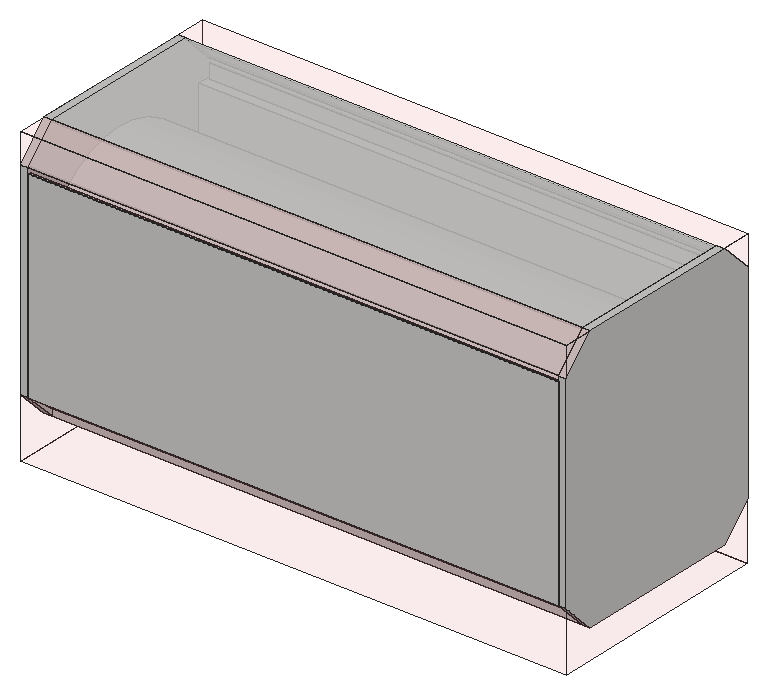
Revit family "Air-Curtain_Climate-Control_PoweredAire_ECE", category Mechanical Equipment, host Face, Revit 2018
Family settings
  Host = Face
  Round Connector Dimension = Use Diameter
  Part Type = Normal
  OmniClass Number = 23.75.35.17.21
  OmniClass Title = Air Curtains
  Cut with Voids When Loaded = No
  Shared = No
  Room Calculation Point = No
Parameters
  Warranty Duration (Years) = 0
  Unit Width Notes = "Other Widths available."  # constant formula
  Unit Width = 3' - 0"
  Unit Weight = 0
  Unit Height = 1' - 3"
  Unit Depth = 1' - 5 1/2"
  URL = "http://www.poweredaire.com/"
  Test Data = ""
  Temperature Rise_Range = "as Specified"
  Standards Conformance = "as Specified"
  Specification = "http://www.arcat.com/sdspecs/htm04/23_34_33pai.htm"
  SpecWizard = ""
  Sound Pressure = "as Specified"
  Sales Information = "http://www.poweredaire.com/contact_us"
  Revision = "R1_2016-08"
  Projection from Host [instance] = 0' - 2"
  Product Properties = ""
  Product Data = "http://www.arcat.com/arcatcos/cos47/arc47623.html"
  Power Rating = 0 W
  Outlet Volume_Range = "as Specified"
  Outlet Velocity_Range = "as Specified"
  Nozzle Width = if(1 = 1, Unit Width - 0' 1", 0' 0")  # 2' - 11"
  Mounting Width = if(1 = 1, Unit Width - 0' 0 15/16", 0' 0")  # 2' - 11 1/16"
  Mounting Height [instance] = 3' - 6"
  Motor RPM = 0
  Motor HP = 0
  Motor Count = 0
  Model = "As Specified"
  Max Height = 0' - 0"
  Manufacturer Website = "http://www.poweredaire.com/"
  Manufacturer Phone - Toll Free = "888-321-2473"
  Manufacturer Phone = "724-588-3305"
  Manufacturer Fax = "724-588-3371"
  Manufacturer Address = "109 Mortensen Rd.  Greenville, PA 16125"
  Manufacturer = "Powered Aire, Inc"
  Maintenance Schedule (Months) = 0
  Keynote = "23 34 33"
  Installation-Fabrication = ""
  Installation Phase = ""
  Include Clearance [instance] = yes
  Heating Element Load = 0 W
  HVAC_Temperature Rise [instance] = 0 °F
  HVAC_Outlet Volume [instance] = 0 CFM
  HVAC_Outlet Velocity Uniformity = 0
  HVAC_Outlet Velocity [instance] = 0 FPM
  Green Building-LEED = "http://www.arcat.com/green/clients/leed_data_47623.html"
  Front Grating Material [instance] = Metal - Steel - PoweredAire - Stainless 304 Perforated
  Frame Finish [instance] = Metal - Steel - PoweredAire - Stainless 304
  Expected Lifespan (Years) = 0
  Electrical_Wattage [instance] = Power Rating + Heating Element Load  # 0 W
  Electrical_Voltage [instance] = 0 V
  Electrical_Phase [instance] = 1
  Electrical_Frequency [instance] = 0 Hz
  Electrical_Amperage [instance] = 0 A
  Drawn By = "Sumex Design, Inc. / Robert S. Weygant, CSI, CDT, SCIP"
  Description = "Powered Aire Air Curtain as Specified"
  Default Elevation = 0' - 0"  # constant formula
  Copyright = "©Arcat Inc."
  Construction Details = "http://www.arcat.com/details/powair/prod3336.html"
  Clearance_Top [instance] = 0' - 0"
  Clearance_Side B [instance] = 0' - 0"
  Clearance_Side A [instance] = 0' - 0"
  Clearance_Intake [instance] = 0' - 0"
  Clearance_Bottom [instance] = 0' - 0"
  Clearance Material [instance] = ARCAT Clearance
  Building Codes = ""
  Available Options [instance] = "as Specified"
  Assembly Code = "D3090400"
Reference planes (in)
  plane 1 "Center (Elevation)": y = 0.13818
  plane 2: z = 0
  plane 3 "Center (Left/Right)": x = 0
  plane 4: y = 7.63818
  plane 5: y = -7.36182
  plane 6: x = -18
  plane 7: x = 18
  plane 8: z = 19.5
  plane 9 "FF": y = -41.86182
  plane 10: z = 2
  plane 11: x = 17.5
  plane 12: x = -17.5
  plane 13: y = 7.63818
  plane 14: y = -7.36182
  plane 15: x = -18
  plane 16: x = 18
  plane 17: z = 19.5
Forms (in)
  Extrusion 1, solid, material "Metal - Steel - PoweredAire - Stainless 304" <- "Frame Finish"
    sketch origin (0, 0, 0) x (0, 1, 0) y (0, 0, 1)
      loop
        line (5.69363, 2) -> (7.63818, 3.94454) -> (7.63818, 17.55546) -> (5.69363, 19.5) -> (-5.41728, 19.5) -> (-7.36182, 17.55546) -> (-7.36182, 3.94454) -> (-5.41728, 2) -> (5.69363, 2)
    from 17.5 to 18
  Extrusion 2, solid, material "Metal - Steel - PoweredAire - Stainless 304" <- "Frame Finish"
    sketch origin (0, 0, -0.5) x (0, 1, 0) y (0, 0, 1)
      loop
        circle (0.13818, 10.9739) r 6.25
      loop
        line (6.63818, 16.89427) -> (6.63818, 5.87829) -> (7.33849, 5.87829) -> (7.33849, 16.89427) -> (6.63818, 16.89427)
      loop
        line (-7.02798, 16.76927) -> (-7.02798, 5.75329) -> (-6.36182, 5.75329) -> (-6.36182, 16.76927) -> (-7.02798, 16.76927)
    from -17.5 to 17.5
  Extrusion 3, solid, material "Metal - Steel - PoweredAire - Stainless 304" <- "Frame Finish"
    sketch origin (0, 0, 0) x (0, 1, 0) y (0, 0, -1)
      loop
        line (5.69363, -2) -> (-5.41728, -2) -> (-7.36182, -3.94454) -> (-7.36182, -17.55546) -> (-5.41728, -19.5) -> (5.69363, -19.5) -> (7.63818, -17.55546) -> (7.63818, -3.94454) -> (5.69363, -2)
    from 17.5 to 18
  Extrusion 4, solid, material "Metal - Steel - PoweredAire - Stainless 304" <- "Frame Finish"
    sketch origin (0, 0, 0) x (0, 1, 0) y (0, 0, 1)
      loop
        line (-5.41728, 2) -> (5.69363, 2) -> (7.63818, 3.94454) -> (7.63818, 17.19454) -> (7.51318, 17.19454) -> (7.51318, 3.99632) -> (5.64186, 2.125) -> (-5.29228, 2.125) -> (-5.29228, 4.06954) -> (-7.23682, 4.06954) -> (-7.23682, 17.19454) -> (-7.36182, 17.19454) -> (-7.36182, 3.94454) -> (-5.41728, 3.94454) -> (-5.41728, 2)
      loop
        line (-6.64819, 3.61034) -> (-5.8702, 2.83235) -> (-5.74472, 2.95783) -> (-6.52271, 3.73583) -> (-6.64819, 3.61034)
    from -17.5 to 17.5
  Extrusion 5, solid, material "Metal - Steel - PoweredAire - Stainless 304 Perforated" <- "Front Grating Material"
    sketch origin (0, 0, 0) x (0, 1, 0) y (0, 0, 1)
      loop
        line (-7.36182, 17.19454) -> (-7.23682, 17.19454) -> (-7.23682, 17.50368) -> (-5.3655, 19.375) -> (5.64186, 19.375) -> (7.51318, 17.50368) -> (7.51318, 17.19454) -> (7.63818, 17.19454) -> (7.63818, 17.55546) -> (5.69363, 19.5) -> (-5.41728, 19.5) -> (-7.36182, 17.55546) -> (-7.36182, 17.19454)
    from -17.5 to 17.5
  Extrusion 6, solid, material "ARCAT Clearance" <- "Clearance Material", visible <- "Include Clearance"
    sketch origin (0, 0, 0) x (0, 1, 0) y (0, 0, 1)
      loop
        line (-7.36182, 19.5) -> (-7.36182, 0) -> (7.63818, 0) -> (7.63818, 19.5) -> (-7.36182, 19.5)
    from -18 to 18
Dimensions and locks (in)
  equal spacing: plane 4, plane 1 "Center (Elevation)", plane 5
  "Unit Height": plane 4 to plane 5
  equal spacing: plane 6, plane 3 "Center (Left/Right)", plane 7
  "Unit Width": plane 6 to plane 7
  "Mounting Height": plane 1 "Center (Elevation)" to plane 9 "FF"
  "Projection from Host": plane 10 to level
  "Unit Depth": plane 8 to plane 10
  locked: plane 6 to plane 12 at 0.5
  locked: plane 11 to plane 7 at 0.5
  "Clearance_Side A": plane 7 to plane 16
  "Clearance_Side B": plane 15 to plane 6
  "Clearance_Top": plane 13 to plane 4
  "Clearance_Bottom": plane 5 to plane 14
  "Clearance_Intake": plane 17 to plane 8
  aligned and locked: plane 2 to host face
  aligned and locked: level to host face
  aligned and locked: plane 7 to Extrusion 1
  aligned and locked: Extrusion 1 to plane 11
  aligned and locked: plane 12 to Extrusion 3
  aligned and locked: Extrusion 3 to plane 6
  aligned and locked: Extrusion 2 to plane 12
  aligned and locked: plane 11 to Extrusion 2
  aligned and locked: plane 11 to Extrusion 4
  aligned and locked: Extrusion 4 to plane 12
  aligned and locked: plane 11 to Extrusion 5
  aligned and locked: Extrusion 5 to plane 12
  aligned and locked: Extrusion 6 sketch curve to plane 17
  aligned and locked: plane 14 to Extrusion 6 sketch curve
  aligned and locked: level to Extrusion 6 sketch curve
  aligned and locked: Extrusion 6 sketch curve to plane 13
  aligned and locked: plane 16 to Extrusion 6
  aligned and locked: Extrusion 6 to plane 15
Automatic sketch dimensions
  host sketch curve to host sketch curve = 8' - 0"  (x2)
  Extrusion 1 sketch curve to plane 5 = 0' - 0"
  Extrusion 1 sketch curve to plane 8 = 0' - 0"
  Extrusion 1 sketch curve to plane 10 = 0' - 0"
  Extrusion 1 sketch curve to plane 4 = 0' - 0"
  plane 5 to Extrusion 1 sketch curve = 0' - 1.94454"  (x2)
  Extrusion 1 sketch curve to plane 4 = 0' - 1.94454"  (x2)
  plane 10 to Extrusion 1 sketch curve = 0' - 1.94454"  (x2)
  Extrusion 1 sketch curve to plane 8 = 0' - 1.94454"  (x2)
  Extrusion 2 sketch curve to plane 1 "Center (Elevation)" = 0' - 0"
  plane 5 to Extrusion 2 sketch curve = 0' - 1"
  plane 5 to Extrusion 2 sketch curve = 0' - 0.33384"
  Extrusion 2 sketch curve to plane 4 = 0' - 1"
  Extrusion 2 sketch curve to plane 4 = 0' - 0.29969"
  plane 10 to Extrusion 2 sketch curve = 0' - 3.37829"
  plane 10 to Extrusion 2 sketch curve = 0' - 3.25329"
  Extrusion 2 sketch curve to plane 8 = 0' - 9.0261"
  Extrusion 2 sketch curve to plane 8 = 0' - 3.23073"
  Extrusion 2 sketch curve to plane 8 = 0' - 3.10573"
  Extrusion 3 sketch curve to plane 5 = 0' - 0"
  Extrusion 3 sketch curve to plane 8 = 0' - 0"
  Extrusion 3 sketch curve to plane 10 = 0' - 0"
  Extrusion 3 sketch curve to plane 4 = 0' - 0"
  plane 5 to Extrusion 3 sketch curve = 0' - 1.94454"  (x2)
  Extrusion 3 sketch curve to plane 4 = 0' - 1.94454"  (x2)
  Extrusion 3 sketch curve to plane 8 = 0' - 1.94454"  (x2)
  plane 10 to Extrusion 3 sketch curve = 0' - 1.94454"  (x2)
  Extrusion 4 sketch curve to plane 5 = 0' - 0"
  Extrusion 4 sketch curve to plane 10 = 0' - 0"
  Extrusion 4 sketch curve to plane 4 = 0' - 0"
  plane 5 to Extrusion 4 sketch curve = 0' - 0 1/8"
  plane 5 to Extrusion 4 sketch curve = 0' - 0.71363"
  Extrusion 4 sketch curve to Extrusion 4 sketch curve = 0' - 0.12548"  (x2)
  Extrusion 4 sketch curve to Extrusion 4 sketch curve = 0' - 0.778"
  Extrusion 4 sketch curve to Extrusion 4 sketch curve = 0' - 0.32744"
  Extrusion 4 sketch curve to Extrusion 4 sketch curve = 0' - 0 1/8"  (x2)
  plane 10 to Extrusion 4 sketch curve = 0' - 0 1/8"
  Extrusion 4 sketch curve to plane 4 = 0' - 1.99632"
  Extrusion 4 sketch curve to Extrusion 4 sketch curve = 0' - 0.05178"  (x2)
  plane 10 to Extrusion 4 sketch curve = 0' - 0.83235"
  plane 10 to Extrusion 4 sketch curve = 0' - 1.94454"
  Extrusion 4 sketch curve to Extrusion 4 sketch curve = 0' - 0.3342"
  Extrusion 4 sketch curve to plane 4 = 0' - 0 1/8"
  Extrusion 4 sketch curve to plane 8 = 0' - 2.30546"  (x2)
  Extrusion 5 sketch curve to plane 5 = 0' - 0"
  Extrusion 5 sketch curve to plane 8 = 0' - 0"
  Extrusion 5 sketch curve to plane 4 = 0' - 0"
  plane 5 to Extrusion 5 sketch curve = 0' - 0 1/8"
  plane 5 to Extrusion 5 sketch curve = 0' - 1.94454"
  Extrusion 5 sketch curve to plane 8 = 0' - 0 1/8"
  Extrusion 5 sketch curve to Extrusion 5 sketch curve = 0' - 0.05178"  (x4)
  Extrusion 5 sketch curve to plane 4 = 0' - 1.99632"
  Extrusion 5 sketch curve to plane 8 = 0' - 1.94454"  (x2)
  Extrusion 5 sketch curve to Extrusion 5 sketch curve = 0' - 0 1/8"
  Extrusion 5 sketch curve to Extrusion 5 sketch curve = 0' - 0.30914"  (x2)
  radius of Extrusion 2 sketch curve = 0' - 6 1/4"
Connectors (in)
  electrical at (0, 7.63818, 10.56954), driven by "Electrical_Phase", driven by "Electrical_Voltage"
    settings: on Extrusion 4, index 1, voltage 0 V, apparent load 0 VA, apparent load phase1 0 VA, apparent load phase2 0 VA, apparent load phase3 0 VA, power factor 1, load classification "Motor", number of poles 1, system type 31, power factor state 1, is connector primary yes, connector utility no, sub classification motor no, connector description ""
